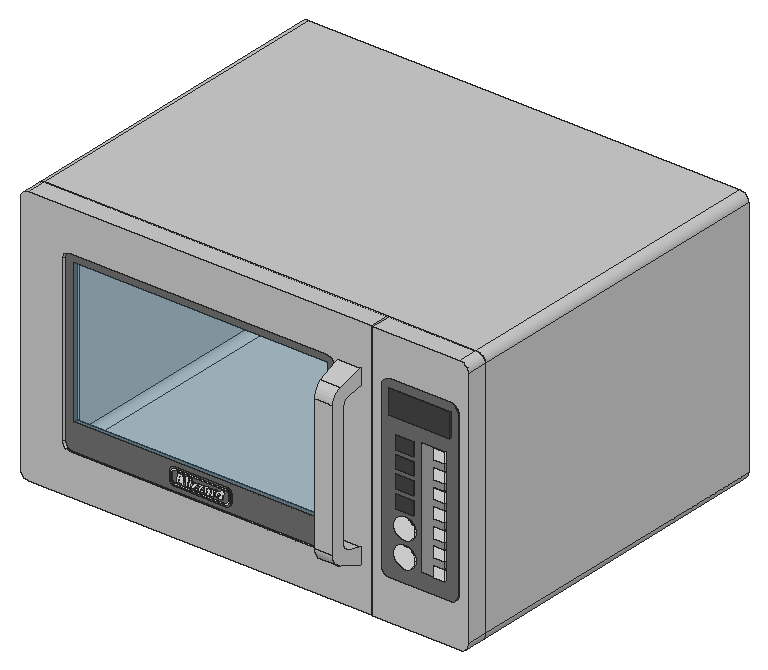
Revit family "QF_BLIZZARD_BCM1000", category Specialty Equipment, Revit 2016
Family settings
  Part Type = Normal
  Round Connector Dimension = Use Diameter
  OmniClass Number = 23.40.40.14
  OmniClass Title = Food Service Equipment
  Work Plane-Based = No
  Always vertical = Yes
  Cut with Voids When Loaded = No
  Shared = No
  Room Calculation Point = No
Parameters (values of type "BCM1000")
  URL = "www.blizzardequipment.com"
  Show Logo [instance] = yes
  Show Clearance [instance] = yes
  Model = "BCM1000"
  Manufacturer = "BLIZZARD"
  Description = "1000W LIGHT DUTY COMMERCIAL MICROWAVE"
  Assembly Code = "E1090320"
Reference planes
  plane 1 "Back": y = 0
  plane 2: z = 0
  plane 3 "Left": x = 0
  plane 4 "Right": x = 511
  plane 5 "Front": y = -398
  plane 6 "Top": z = 311
Forms (mm)
  Extrusion 1, solid
    sketch origin (0, 0, 5) x (1, 0, 0) y (0, 0, 1)
      loop
        arc (10, 306) -> (2.929, 303.071) -> (0, 296) r 10
        line (0, 296) -> (0, 21)
        arc (0, 21) -> (2.929, 13.929) -> (10, 11) r 10
        line (10, 11) -> (501, 11)
        arc (501, 11) -> (508.071, 13.929) -> (511, 21) r 10
        line (511, 21) -> (511, 296)
        arc (511, 296) -> (508.071, 303.071) -> (501, 306) r 10
        line (501, 306) -> (10, 306)
      loop
        arc (48.48, 65.25) -> (50.902, 59.402) -> (56.75, 56.98) r 8.27
        line (56.75, 56.98) -> (349.25, 56.98)
        arc (349.25, 56.98) -> (355.098, 59.402) -> (357.52, 65.25) r 8.27
        line (357.52, 65.25) -> (357.52, 251.75)
        arc (357.52, 251.75) -> (355.098, 257.598) -> (349.25, 260.02) r 8.27
        line (349.25, 260.02) -> (56.75, 260.02)
        arc (56.75, 260.02) -> (50.902, 257.598) -> (48.48, 251.75) r 8.27
        line (48.48, 251.75) -> (48.48, 65.25)
    from 0 to 375
  Extrusion 2, solid
    sketch origin (0, -61, 5) x (1, 0, 0) y (0, 0, 1)
      loop
        arc (10, 306) -> (2.929, 303.071) -> (0, 296) r 10
        line (0, 296) -> (0, 21)
        arc (0, 21) -> (2.929, 13.929) -> (10, 11) r 10
        line (10, 11) -> (400, 11) -> (400, 306) -> (10, 306)
      loop
        arc (501, 11) -> (508.071, 13.929) -> (511, 21) r 10
        line (511, 21) -> (511, 296)
        arc (511, 296) -> (508.071, 303.071) -> (501, 306) r 10
        line (501, 306) -> (402, 306) -> (402, 11) -> (501, 11)
      loop
        line (48.48, 251.75) -> (48.48, 65.25)
        arc (48.48, 65.25) -> (50.902, 59.402) -> (56.75, 56.98) r 8.27
        line (56.75, 56.98) -> (349.25, 56.98)
        arc (349.25, 56.98) -> (355.098, 59.402) -> (357.52, 65.25) r 8.27
        line (357.52, 65.25) -> (357.52, 251.75)
        arc (357.52, 251.75) -> (355.098, 257.598) -> (349.25, 260.02) r 8.27
        line (349.25, 260.02) -> (56.75, 260.02)
        arc (56.75, 260.02) -> (50.902, 257.598) -> (48.48, 251.75) r 8.27
    from 314 to 337
  Extrusion 3, solid
    sketch origin (0, -38, -5.5) x (0, 1, 0) y (0, 0, 1)
      loop
        arc (-396, 92.199) -> (-393.29, 83.599) -> (-386.139, 78.107) r 15
        line (-386.139, 78.107) -> (-357, 67.48) -> (-357, 86.38) -> (-375.349, 90.614)
        arc (-375.349, 90.614) -> (-380.926, 94.132) -> (-383.1, 100.358) r 10
        line (-383.1, 100.358) -> (-383.1, 237.642)
        arc (-383.1, 237.642) -> (-380.926, 243.868) -> (-375.349, 247.386) r 10
        line (-375.349, 247.386) -> (-357, 251.62) -> (-357, 270.52) -> (-386.139, 259.893)
        arc (-386.139, 259.893) -> (-393.29, 254.401) -> (-396, 245.801) r 15
        line (-396, 245.801) -> (-396, 92.199)
    from 361.029 to 388.002
  Extrusion 4, void
    sketch origin (0, -38, -5.5) x (1, 0, 0) y (0, 1, 0)
      loop
        line (364.288, -398.753) -> (361.216, -355.87) -> (360, -355.87) -> (360, -398.753) -> (364.288, -398.753)
      loop
        line (384.743, -398.753) -> (389.031, -398.753) -> (389.031, -355.87) -> (387.815, -355.87) -> (384.743, -398.753)
    from 67.48 to 270.52
  Extrusion 5, solid
    sketch origin (0, 0, 5) x (1, 0, 0) y (0, 0, 1)
      loop
        arc (48.48, 65.25) -> (50.902, 59.402) -> (56.75, 56.98) r 8.27
        line (56.75, 56.98) -> (349.25, 56.98)
        arc (349.25, 56.98) -> (355.098, 59.402) -> (357.52, 65.25) r 8.27
        line (357.52, 65.25) -> (357.52, 251.75)
        arc (357.52, 251.75) -> (355.098, 257.598) -> (349.25, 260.02) r 8.27
        line (349.25, 260.02) -> (56.75, 260.02)
        arc (56.75, 260.02) -> (50.902, 257.598) -> (48.48, 251.75) r 8.27
        line (48.48, 251.75) -> (48.48, 65.25)
    from 0 to 37
  Extrusion 6, solid
    sketch origin (0, -76, 5) x (1, 0, 0) y (0, 0, 1)
      loop
        line (58.48, 250.02) -> (58.48, 86.98) -> (347.52, 86.98) -> (347.52, 250.02) -> (58.48, 250.02)
    from 314 to 319
  Extrusion 7, solid
    sketch origin (26.52, -3, 5) x (1, 0, 0) y (0, 1, 0)
      loop
        circle (48.48, -37) r 10
    from -5 to 11
  Extrusion 8, solid
    sketch origin (483.48, -3, 5) x (-1, 0, 0) y (0, -1, 0)
      loop
        circle (48.48, 37) r 10
    from -5 to 11
  Extrusion 9, solid
    sketch origin (26.52, -298, 5) x (1, 0, 0) y (0, 1, 0)
      loop
        circle (48.48, -37) r 10
    from -5 to 11
  Extrusion 10, solid
    sketch origin (483.48, -298, 5) x (-1, 0, 0) y (0, -1, 0)
      loop
        circle (48.48, 37) r 10
    from -5 to 11
  Extrusion 11, solid
    sketch origin (0, -76, 5) x (1, 0, 0) y (0, 0, 1)
      loop
        arc (56.75, 260.02) -> (50.902, 257.598) -> (48.48, 251.75) r 8.27
        line (48.48, 251.75) -> (48.48, 65.25)
        arc (48.48, 65.25) -> (50.902, 59.402) -> (56.75, 56.98) r 8.27
        line (56.75, 56.98) -> (349.25, 56.98)
        arc (349.25, 56.98) -> (355.098, 59.402) -> (357.52, 65.25) r 8.27
        line (357.52, 65.25) -> (357.52, 251.75)
        arc (357.52, 251.75) -> (355.098, 257.598) -> (349.25, 260.02) r 8.27
        line (349.25, 260.02) -> (56.75, 260.02)
      loop
        line (58.48, 250.02) -> (58.48, 86.98) -> (347.52, 86.98) -> (347.52, 250.02) -> (58.48, 250.02)
    from 314 to 319
  Extrusion 12, solid, visible <- "Show Clearance", detail levels coarse
    sketch origin (0, -38, 5) x (1, 0, 0) y (0, 1, 0)
      loop
        line (0, -360) -> (0, -760)
        arc (0, -760) -> (282.843, -642.843) -> (400, -360) r 400
        line (400, -360) -> (0, -360)
    from 11 to 306
  Extrusion 13, solid, visible <- "Show Logo"
    sketch origin (145.642, -393.2, -66.293) x (1, 0, 0) y (0, 0, 1)
      loop
        arc (22.13, 139.05) -> (23.822, 134.965) -> (27.907, 133.273) r 5.777
        line (27.907, 133.273) -> (86.809, 133.273)
        arc (86.809, 133.273) -> (90.894, 134.965) -> (92.585, 139.05) r 5.777
        line (92.585, 139.05) -> (92.585, 147.215)
        arc (92.585, 147.215) -> (90.894, 151.299) -> (86.809, 152.991) r 5.777
        line (86.809, 152.991) -> (27.907, 152.991)
        arc (27.907, 152.991) -> (23.822, 151.299) -> (22.13, 147.215) r 5.777
        line (22.13, 147.215) -> (22.13, 139.05)
    from 0 to 2
  Extrusion 14, solid, visible <- "Show Logo"
    sketch origin (145.642, -393.4, -61.284) x (1, 0, 0) y (0, 0, 1)
      loop
        line (30.3, 133.137) -> (36.162, 133.137)
        arc (36.162, 133.137) -> (39.122, 134.994) -> (38.048, 138.319) r 2.844
        arc (38.048, 138.319) -> (38.838, 141.267) -> (36.338, 143.017) r 2.66
        line (36.338, 143.017) -> (31.338, 143.017) -> (30.3, 133.137)
      loop
        line (33.066, 135.126) -> (35.993, 135.126)
        arc (35.993, 135.126) -> (36.943, 136.076) -> (35.993, 137.026) r 0.95
        line (35.993, 137.026) -> (33.066, 137.026) -> (33.066, 135.126)
      loop
        line (33.528, 139.285) -> (36.147, 139.285)
        arc (36.147, 139.285) -> (36.994, 140.133) -> (36.147, 140.98) r 0.847
        line (36.147, 140.98) -> (33.528, 140.98) -> (33.528, 139.285)
      loop
        line (40.306, 133.137) -> (42.874, 133.137) -> (43.912, 143.017) -> (41.344, 143.017) -> (40.306, 133.137)
      loop
        line (45.174, 140.98) -> (47.749, 140.98) -> (47.964, 143.017) -> (45.389, 143.017) -> (45.174, 140.98)
      loop
        line (45.104, 140.313) -> (44.35, 133.137) -> (46.671, 133.137) -> (47.425, 140.313) -> (45.104, 140.313)
      loop
        line (48.314, 138.359) -> (51.196, 138.359) -> (47.765, 134.548) -> (47.765, 133.137) -> (54.184, 133.137) -> (54.393, 135.126) -> (51.213, 135.126) -> (54.657, 138.952) -> (54.657, 140.313) -> (48.519, 140.313) -> (48.314, 138.359)
      loop
        line (55.213, 138.359) -> (58.095, 138.359) -> (54.664, 134.548) -> (54.664, 133.137) -> (61.084, 133.137) -> (61.293, 135.126) -> (58.112, 135.126) -> (61.557, 138.952) -> (61.557, 140.313) -> (55.419, 140.313) -> (55.213, 138.359)
      loop
        arc (64.816, 137.983) -> (65.785, 138.952) -> (66.753, 137.983) r 0.969
        line (66.753, 137.983) -> (64.711, 137.436)
        arc (64.711, 137.436) -> (62.642, 134.297) -> (66.342, 133.633) r 2.251
        line (66.342, 133.633) -> (66.77, 132.921) -> (69.168, 132.921) -> (68.641, 134.052) -> (69.084, 138.274)
        arc (69.084, 138.274) -> (65.782, 140.567) -> (62.514, 138.225) r 3.488
        line (62.514, 138.225) -> (64.816, 137.983)
      loop
        line (69.848, 133.137) -> (72.232, 133.137) -> (72.59, 136.546)
        arc (72.59, 136.546) -> (73.413, 137.974) -> (75.025, 138.32) r 2.029
        line (75.025, 138.32) -> (75.83, 140.313)
        arc (75.83, 140.313) -> (74.279, 140.541) -> (72.927, 139.749) r 2.362
        line (72.927, 139.749) -> (72.927, 140.627) -> (70.635, 140.627) -> (69.848, 133.137)
      loop
        line (82.596, 133.137) -> (83.635, 143.017) -> (81.373, 143.017) -> (81.031, 139.764)
        arc (81.031, 139.764) -> (75.402, 137.124) -> (80.359, 133.372) r 3.631
        line (80.359, 133.372) -> (82.596, 133.137)
      loop
        spline (78.956, 134.82) -> (79.32, 134.851) -> (79.675, 135.016) -> (79.994, 135.304) -> (80.258, 135.695) -> (80.446, 136.164) -> (80.548, 136.677) -> (80.555, 137.2) -> (80.468, 137.697) -> (80.292, 138.134) -> (80.039, 138.483) -> (79.727, 138.718) -> (79.376, 138.823)
        spline (79.376, 138.823) -> (79.011, 138.793) -> (78.657, 138.628) -> (78.338, 138.34) -> (78.074, 137.948) -> (77.886, 137.48) -> (77.784, 136.967) -> (77.777, 136.444) -> (77.864, 135.947) -> (78.04, 135.509) -> (78.293, 135.161) -> (78.605, 134.926) -> (78.956, 134.82)
      loop
        line (66.385, 136.28) -> (64.729, 135.958)
        arc (64.729, 135.958) -> (64.361, 135.233) -> (65.042, 134.788) r 0.609
        arc (65.042, 134.788) -> (66.068, 135.215) -> (66.385, 136.28) r 1.295
      loop
        line (85.459, 146.184) -> (29.578, 146.184)
        arc (29.578, 146.184) -> (25.494, 144.492) -> (23.802, 140.407) r 5.777
        line (23.802, 140.407) -> (23.802, 135.662)
        arc (23.802, 135.662) -> (25.494, 131.578) -> (29.578, 129.886) r 5.777
        line (29.578, 129.886) -> (85.459, 129.886)
        arc (85.459, 129.886) -> (89.544, 131.578) -> (91.236, 135.662) r 5.777
        line (91.236, 135.662) -> (91.236, 140.407)
        arc (91.236, 140.407) -> (89.544, 144.492) -> (85.459, 146.184) r 5.777
      loop
        line (85.459, 145.184) -> (29.578, 145.184)
        arc (29.578, 145.184) -> (26.201, 143.785) -> (24.802, 140.407) r 4.777
        line (24.802, 140.407) -> (24.802, 135.662)
        arc (24.802, 135.662) -> (26.201, 132.285) -> (29.578, 130.886) r 4.777
        line (29.578, 130.886) -> (85.459, 130.886)
        arc (85.459, 130.886) -> (88.837, 132.285) -> (90.236, 135.662) r 4.777
        line (90.236, 135.662) -> (90.236, 140.407)
        arc (90.236, 140.407) -> (88.837, 143.785) -> (85.459, 145.184) r 4.777
    from 0 to 2
  Extrusion 15, solid
    sketch origin (0.203, -396.5, 33) x (1, 0, 0) y (0, 0, 1)
      loop
        arc (421.797, 232.02) -> (414.726, 229.091) -> (411.797, 222.02) r 10
        line (411.797, 222.02) -> (411.797, 38.98)
        arc (411.797, 38.98) -> (414.726, 31.909) -> (421.797, 28.98) r 10
        line (421.797, 28.98) -> (489.454, 28.98)
        arc (489.454, 28.98) -> (496.525, 31.909) -> (499.454, 38.98) r 10
        line (499.454, 38.98) -> (499.454, 222.02)
        arc (499.454, 222.02) -> (496.525, 229.091) -> (489.454, 232.02) r 10
        line (489.454, 232.02) -> (421.797, 232.02)
    from 0 to 2
  Extrusion 16, solid
    sketch origin (0.203, -397.5, 50.953) x (1, 0, 0) y (0, 0, 1)
      loop
        line (472.454, 161.572) -> (472.454, 149.572) -> (484.454, 149.572) -> (484.454, 161.572) -> (472.454, 161.572)
      loop
        line (472.454, 141.572) -> (472.454, 129.572) -> (484.454, 129.572) -> (484.454, 141.572) -> (472.454, 141.572)
      loop
        line (472.454, 121.572) -> (472.454, 109.572) -> (484.454, 109.572) -> (484.454, 121.572) -> (472.454, 121.572)
      loop
        line (472.454, 101.572) -> (472.454, 89.572) -> (484.454, 89.572) -> (484.454, 101.572) -> (472.454, 101.572)
      loop
        line (472.454, 81.572) -> (472.454, 69.572) -> (484.454, 69.572) -> (484.454, 81.572) -> (472.454, 81.572)
      loop
        line (472.454, 61.572) -> (472.454, 49.572) -> (484.454, 49.572) -> (484.454, 61.572) -> (472.454, 61.572)
      loop
        line (472.454, 41.572) -> (472.454, 29.572) -> (484.454, 29.572) -> (484.454, 41.572) -> (472.454, 41.572)
      loop
        circle (438.797, 38.572) r 12
      loop
        circle (438.797, 67.572) r 12
    from 0 to 2
  Extrusion 17, solid
    sketch origin (9.001, -397, -8.189) x (1, 0, 0) y (0, 0, 1)
      loop
        line (419.999, 158.714) -> (419.999, 143.714) -> (439.999, 143.714) -> (439.999, 158.714) -> (419.999, 158.714)
      loop
        line (419.999, 178.714) -> (419.999, 163.714) -> (439.999, 163.714) -> (439.999, 178.714) -> (419.999, 178.714)
      loop
        line (419.999, 198.714) -> (419.999, 183.714) -> (439.999, 183.714) -> (439.999, 198.714) -> (419.999, 198.714)
      loop
        line (419.999, 218.714) -> (419.999, 203.714) -> (439.999, 203.714) -> (439.999, 218.714) -> (419.999, 218.714)
    from 0 to 2
  Extrusion 18, solid
    sketch origin (-63.797, -397, 0) x (1, 0, 0) y (0, 0, 1)
      loop
        line (484.797, 228.02) -> (554.454, 228.02) -> (554.454, 256.02) -> (484.797, 256.02) -> (484.797, 228.02)
    from 0 to 2
  Extrusion 19, solid
    sketch origin (32.658, -397, -8.189) x (1, 0, 0) y (0, 0, 1)
      loop
        line (424.999, 220.714) -> (424.999, 88.714) -> (451.999, 88.714) -> (451.999, 220.714) -> (424.999, 220.714)
    from 0 to 2
Cuts and joins
  Extrusion 4 cuts Extrusion 3
  joined: Extrusion 1, Extrusion 5
Lines and regions (mm)
  reference lines
    curve 1: line (0, -183.475, 1485) -> (0, -697.791, 1021.908)
  symbolic lines, style "200-EquipBorder-2D"
    curve 2: line (0, 0, 0) -> (511, 0, 0)
    curve 3: line (0, -398, 0) -> (0, 0, 0)
    curve 4: line (511, -398, 0) -> (0, -398, 0)
    curve 5: line (511, 0, 0) -> (511, -398, 0)
    curve 6: line (364.091, -434, 0) -> (361.512, -398, 0)
    curve 7: line (387.519, -398, 0) -> (384.94, -434, 0)
    curve 8: line (364.091, -434, 0) -> (384.94, -434, 0)
    curve 9: line (511, -375, 0) -> (0, -375, 0)
    curve 10: line (400, -398, 0) -> (400, -375, 0)
    curve 12: line (402, -398, 0) -> (402, -375, 0)
  symbolic lines, style "QF_Door-Drawer Clearances", visible <- "Show Clearance"
    curve 11: line (0, -398, 0) -> (0, -798, 0)
    curve 13: arc (0, -798, 0) -> (282.843, -680.843, 0) -> (400, -398, 0) r 400
Dimensions and locks
  plane 3 "Left" to plane 4 "Right" = 511 mm
  plane 5 "Front" to plane 1 "Back" = 398 mm
  plane 1 "Back" to plane 5 "Front" = 398 mm
  plane 4 "Right" to plane 3 "Left" = 511 mm
  plane 6 "Top" to level = 311 mm  (x2)
  aligned and locked: level to plane 2
